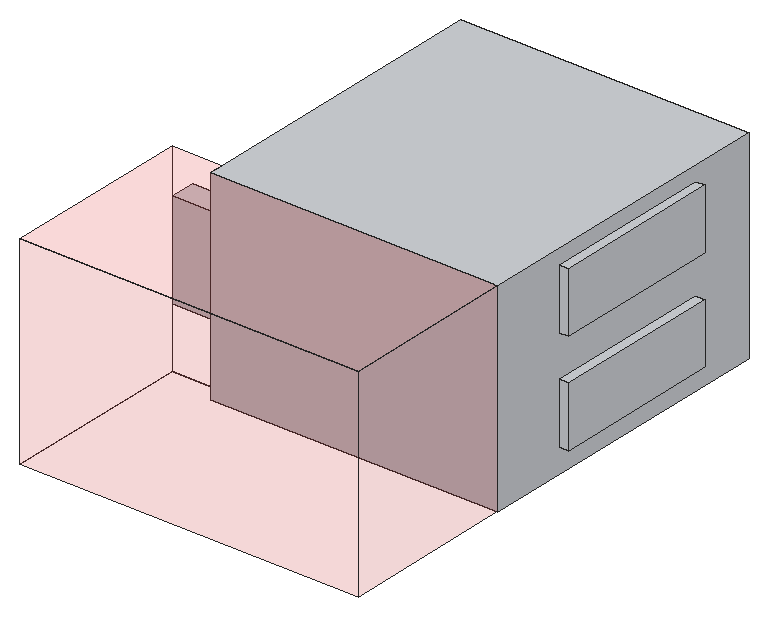
Revit family
Parameters (values of type "115 V Single Phase")
  Weight Scheduled [instance] = 675  # constant formula
  Voltage Workaround = Voltage / 1 V  # 115
  Voltage Scheduled = Voltage  # 115 V
  Voltage = 115 V
  VoltAmps Workaround [instance] = Voltage Workaround * Total FLA * sqrt(Phase)  # 0
  VoltAmps [instance] = VoltAmps Workaround * 1 VA  # 0 VA
  VFD [instance] = no
  URL = "http://www.renewaire.com/_assets/files/SubmittalForms/HE3XINHSubmittal.pdf"
  Total FLA [instance] = if(or(Supply Motor FLA = 0, Exhaust Motor FLA = 0), 0, (Supply Motor FLA * Supply Motor Count) + (Exhaust Motor FLA * Exhaust Motor Count))  # 0
  Supply Motor RPM Scheduled [instance] = Supply Motor RPM  # 0
  Supply Motor RPM [instance] = if(and(or(Supply ESP = 0, Supply ESP > 0), Supply ESP < 0.25), if(Supply Motor HP = 2, if(Supply CFM > 2700 CFM, 0, if(Supply CFM > 2440 CFM, 1470, if(Supply CFM > 2185 CFM, 1329, 1189))), if(Supply Motor HP = 3, if(Supply CFM > 3030 CFM, 0, if(Supply CFM > 2905 CFM, 1560, 1496)), if(Supply Motor HP = 5, if(Supply CFM > 3300 CFM, 0, 1686), 0))), if(and(or(Supply ESP = 0.25, Supply ESP > 0.25), Supply ESP < 0.5), if(Supply Motor HP = 2, if(Supply CFM > 2640 CFM, 0, if(Supply CFM > 2360 CFM, 1470, if(Supply CFM > 2095 CFM, 1329, 1189))), if(Supply Motor HP = 3, if(Supply CFM > 2945 CFM, 0, if(Supply CFM > 2815 CFM, 1560, 1496)), if(Supply Motor HP = 5, if(Supply CFM > 3225 CFM, 0, 1686), 0))), if(and(or(Supply ESP = 0.5, Supply ESP > 0.5), Supply ESP < 0.75), if(Supply Motor HP = 2, if(Supply CFM > 2520 CFM, 0, if(Supply CFM > 2220 CFM, 1470, if(Supply CFM > 1900 CFM, 1329, 1189))), if(Supply Motor HP = 3, if(Supply CFM > 3040 CFM, 0, if(Supply CFM > 2825 CFM, 1656, if(Supply CFM > 2675 CFM, 1560, 1496))), if(Supply Motor HP = 5, if(Supply CFM > 3290 CFM, 0, if(Supply CFM > 3015 CFM, 1764, 1686)), 0))), if(and(or(Supply ESP = 0.75, Supply ESP > 0.75), Supply ESP < 1), if(Supply Motor HP = 2, if(Supply CFM > 2360 CFM, 0, if(Supply CFM > 2020 CFM, 1470, if(Supply CFM > 1580 CFM, 1329, 1189))), if(Supply Motor HP = 3, if(Supply CFM > 2950 CFM, 0, if(Supply CFM > 2875 CFM, 1688, if(Supply CFM > 2655 CFM, 1656, if(Supply CFM > 2505 CFM, 1560, 1496)))), if(Supply Motor HP = 5, if(Supply CFM > 3300 CFM, 0, if(Supply CFM > 3145 CFM, 1843, if(Supply CFM > 2855 CFM, 1764, 1686))), 0))), if(and(or(Supply ESP = 1, Supply ESP > 1), Supply ESP < 1.25), if(Supply Motor HP = 2, if(Supply CFM > 2150 CFM, 0, if(Supply CFM > 1640 CFM, 1470, if(Supply CFM > 800 CFM, 1329, 1189))), if(Supply Motor HP = 3, if(Supply CFM > 2800 CFM, 0, if(Supply CFM > 2720 CFM, 1688, if(Supply CFM > 2445 CFM, 1656, if(Supply CFM > 2340 CFM, 1560, 1496)))), if(Supply Motor HP = 5, if(Supply CFM > 3175 CFM, 0, if(Supply CFM > 2995 CFM, 1843, if(Supply CFM > 2800 CFM, 1764, 1686))), 0))), if(and(or(Supply ESP = 1.25, Supply ESP > 1.25), Supply ESP < 1.5), if(Supply Motor HP = 2, if(Supply CFM > 1770 CFM, 0, if(Supply CFM > 850 CFM, 1470, 1329)), if(Supply Motor HP = 3, if(Supply CFM > 2650 CFM, 0, if(Supply CFM > 2575 CFM, 1688, if(Supply CFM > 2325 CFM, 1656, if(Supply CFM > 2220 CFM, 1560, 1496)))), if(Supply Motor HP = 5, if(Supply CFM > 3040 CFM, 0, if(Supply CFM > 2850 CFM, 1843, if(Supply CFM > 2645 CFM, 1764, 1686))), 0))), if(Supply ESP = 1.5, if(Supply Motor HP = 2, if(Supply CFM > 1110 CFM, 0, 1470), if(Supply Motor HP = 3, if(Supply CFM > 2490 CFM, 0, if(Supply CFM > 2380 CFM, 1688, if(Supply CFM > 1990 CFM, 1656, if(Supply CFM > 1655 CFM, 1560, 1496)))), if(Supply Motor HP = 5, if(Supply CFM > 2900 CFM, 0, if(Supply CFM > 2705 CFM, 1843, if(Supply CFM > 2470 CFM, 1764, 1686))), 0))), 0)))))))  # 0
  Supply Motor HP Scheduled [instance] = Supply Motor HP  # 0
  Supply Motor HP [instance] = 0
  Supply Motor FLA [instance] = if(VFD, if(Supply Motor BHP = 0, 0, if(Supply Motor HP = 2, if(and(or(Voltage = 208 V, Voltage = 230 V), Phase = 1), 6.1, if(and(or(Voltage = 208 V, Voltage = 230 V), Phase = 3), 6.1, if(and(Voltage = 460 V, Phase = 3), 2.9, if(and(Voltage = 575 V, Phase = 3), 2.4, 0)))), if(Supply Motor HP = 3, if(and(or(Voltage = 208 V, Voltage = 230 V), Phase = 1), 9.4, if(and(or(Voltage = 208 V, Voltage = 230 V), Phase = 3), 9.4, if(and(Voltage = 460 V, Phase = 3), 4.24, if(and(Voltage = 575 V, Phase = 3), 3.3, 0)))), if(Supply Motor HP = 5, if(and(or(Voltage = 208 V, Voltage = 230 V), Phase = 3), 14.5, if(and(Voltage = 460 V, Phase = 3), 6.7, if(and(Voltage = 575 V, Phase = 3), 5.3, 0))), 0)))), if(Supply Motor BHP = 0, 0, if(Supply Motor HP = 2, if(and(Voltage = 115 V, Phase = 1), 20, if(and(or(Voltage = 208 V, Voltage = 230 V), Phase = 1), 10.8, if(and(or(Voltage = 208 V, Voltage = 230 V), Phase = 3), 6.1, if(and(Voltage = 460 V, Phase = 3), 2.9, if(and(Voltage = 575 V, Phase = 3), 2.4, 0))))), if(Supply Motor HP = 3, if(and(or(Voltage = 208 V, Voltage = 230 V), Phase = 1), 13, if(and(or(Voltage = 208 V, Voltage = 230 V), Phase = 3), 9.4, if(and(Voltage = 460 V, Phase = 3), 4.2, if(and(Voltage = 575 V, Phase = 3), 3.3, 0)))), if(Supply Motor HP = 5, if(and(or(Voltage = 208 V, Voltage = 230 V), Phase = 3), 14.5, if(and(Voltage = 460 V, Phase = 3), 6.7, if(and(Voltage = 575 V, Phase = 3), 5.3, 0))), 0)))))  # 0
  Supply Motor Count Scheduled [instance] = Supply Motor Count  # 1
  Supply Motor Count [instance] = 1  # constant formula
  Supply Motor BHP [instance] = if(and(or(Supply ESP = 0, Supply ESP > 0), Supply ESP < 0.25), if(Supply Motor HP = 2, if(Supply CFM > 2700 CFM, 0, if(Supply CFM > 2440 CFM, 1.9, if(Supply CFM > 2185 CFM, 1.4, 1))), if(Supply Motor HP = 3, if(Supply CFM > 3030 CFM, 0, if(Supply CFM > 2905 CFM, 2.7, 2.4)), if(Supply Motor HP = 5, if(Supply CFM > 3300 CFM, 0, 3.5), 0))), if(and(or(Supply ESP = 0.25, Supply ESP > 0.25), Supply ESP < 0.5), if(Supply Motor HP = 2, if(Supply CFM > 2640 CFM, 0, if(Supply CFM > 2360 CFM, 1.8, if(Supply CFM > 2095 CFM, 1.3, 0.9))), if(Supply Motor HP = 3, if(Supply CFM > 2945 CFM, 0, if(Supply CFM > 2815 CFM, 2.6, 2.3)), if(Supply Motor HP = 5, if(Supply CFM > 3225 CFM, 0, 3.4), 0))), if(and(or(Supply ESP = 0.5, Supply ESP > 0.5), Supply ESP < 0.75), if(Supply Motor HP = 2, if(Supply CFM > 2520 CFM, 0, if(Supply CFM > 2220 CFM, 1.6, if(Supply CFM > 1900 CFM, 1.2, 0.8))), if(Supply Motor HP = 3, if(Supply CFM > 3040 CFM, 0, if(Supply CFM > 2825 CFM, 3, if(Supply CFM > 2675 CFM, 2.5, 2.1))), if(Supply Motor HP = 5, if(Supply CFM > 3290 CFM, 0, if(Supply CFM > 3015 CFM, 3.8, 3.2)), 0))), if(and(or(Supply ESP = 0.75, Supply ESP > 0.75), Supply ESP < 1), if(Supply Motor HP = 2, if(Supply CFM > 2360 CFM, 0, if(Supply CFM > 2020 CFM, 1.5, if(Supply CFM > 1580 CFM, 1, 0.6))), if(Supply Motor HP = 3, if(Supply CFM > 2950 CFM, 0, if(Supply CFM > 2875 CFM, 2.9, if(Supply CFM > 2655 CFM, 2.8, if(Supply CFM > 2505 CFM, 2.3, 1.9)))), if(Supply Motor HP = 5, if(Supply CFM > 3300 CFM, 0, if(Supply CFM > 3145 CFM, 4.1, if(Supply CFM > 2855 CFM, 3.5, 3))), 0))), if(and(or(Supply ESP = 1, Supply ESP > 1), Supply ESP < 1.25), if(Supply Motor HP = 2, if(Supply CFM > 2150 CFM, 0, if(Supply CFM > 1640 CFM, 1.8, if(Supply CFM > 800 CFM, 0.8, 0.4))), if(Supply Motor HP = 3, if(Supply CFM > 2800 CFM, 0, if(Supply CFM > 2720 CFM, 2.8, if(Supply CFM > 2445 CFM, 2.6, if(Supply CFM > 2340 CFM, 2.1, 1.8)))), if(Supply Motor HP = 5, if(Supply CFM > 3175 CFM, 0, if(Supply CFM > 2995 CFM, 3.8, if(Supply CFM > 2800 CFM, 3.3, 2.8))), 0))), if(and(or(Supply ESP = 1.25, Supply ESP > 1.25), Supply ESP < 1.5), if(Supply Motor HP = 2, if(Supply CFM > 1770 CFM, 0, if(Supply CFM > 850 CFM, 1, 0.4)), if(Supply Motor HP = 3, if(Supply CFM > 2650 CFM, 0, if(Supply CFM > 2575 CFM, 2.6, if(Supply CFM > 2325 CFM, 2.4, if(Supply CFM > 2220 CFM, 1.9, 1.6)))), if(Supply Motor HP = 5, if(Supply CFM > 3040 CFM, 0, if(Supply CFM > 2850 CFM, 3.6, if(Supply CFM > 2645 CFM, 3.1, 2.6))), 0))), if(Supply ESP = 1.5, if(Supply Motor HP = 2, if(Supply CFM > 1110 CFM, 0, 0.6), if(Supply Motor HP = 3, if(Supply CFM > 2490 CFM, 0, if(Supply CFM > 2380 CFM, 2.2, if(Supply CFM > 1990 CFM, 2.2, if(Supply CFM > 1655 CFM, 1.6, 1.2)))), if(Supply Motor HP = 5, if(Supply CFM > 2900 CFM, 0, if(Supply CFM > 2705 CFM, 3.4, if(Supply CFM > 2470 CFM, 2.9, 2.4))), 0))), 0)))))))  # 0
  Supply ESP Scheduled [instance] = Supply ESP  # 0
  Supply ESP [instance] = 0
  Supply CFM Scheduled [instance] = Supply CFM  # 0 CFM
  Supply CFM [instance] = 0 CFM
  Supply Air Winter RH Scheduled [instance] = 0
  Supply Air Winter DB Scheduled [instance] = 0
  Supply Air Summer RH Scheduled [instance] = 0
  Supply Air Summer DB Scheduled [instance] = 0
  Phase Scheduled = Phase  # 1
  Phase = 1
  Outside Air Winter RH Scheduled [instance] = 0
  Outside Air Winter DB Scheduled [instance] = 0
  Outside Air Summer RH Scheduled [instance] = 0
  Outside Air Summer DB Scheduled [instance] = 0
  Number of Poles = 1
  Model = "HE3XINH"
  Manufacturer = "RenewAire"
  MOCP Scheduled [instance] = MOCP  # 0
  MOCP [instance] = if(VFD, if(Total FLA = 0, 0, if(and(or(Voltage = 208 V, Voltage = 230 V), Phase = 1), if(and(Supply Motor HP = 2, Exhaust Motor HP = 2), 30, if(and(Supply Motor HP = 2, Exhaust Motor HP = 3), 40, if(and(Supply Motor HP = 3, Exhaust Motor HP = 2), 40, if(and(Supply Motor HP = 3, Exhaust Motor HP = 3), 45, 0)))), if(and(or(Voltage = 208 V, Voltage = 230 V), Phase = 3), if(and(Supply Motor HP = 2, Exhaust Motor HP = 2), 15, if(and(Supply Motor HP = 2, Exhaust Motor HP = 3), 25, if(and(Supply Motor HP = 2, Exhaust Motor HP = 5), 35, if(and(Supply Motor HP = 3, Exhaust Motor HP = 2), 25, if(and(Supply Motor HP = 3, Exhaust Motor HP = 3), 25, if(and(Supply Motor HP = 3, Exhaust Motor HP = 5), 40, if(and(Supply Motor HP = 5, Exhaust Motor HP = 2), 35, if(and(Supply Motor HP = 5, Exhaust Motor HP = 3), 40, if(and(Supply Motor HP = 5, Exhaust Motor HP = 5), 45, 0))))))))), if(and(Voltage = 460 V, Phase = 3), if(and(Supply Motor HP = 2, Exhaust Motor HP = 2), 15, if(and(Supply Motor HP = 2, Exhaust Motor HP = 3), 15, if(and(Supply Motor HP = 2, Exhaust Motor HP = 5), 15, if(and(Supply Motor HP = 3, Exhaust Motor HP = 2), 15, if(and(Supply Motor HP = 3, Exhaust Motor HP = 3), 15, if(and(Supply Motor HP = 3, Exhaust Motor HP = 5), 15, if(and(Supply Motor HP = 5, Exhaust Motor HP = 2), 15, if(and(Supply Motor HP = 5, Exhaust Motor HP = 3), 15, if(and(Supply Motor HP = 5, Exhaust Motor HP = 5), 20, 0))))))))), if(and(Voltage = 575 V, Phase = 3), if(and(Supply Motor HP = 2, Exhaust Motor HP = 2), 15, if(and(Supply Motor HP = 2, Exhaust Motor HP = 3), 15, if(and(Supply Motor HP = 2, Exhaust Motor HP = 5), 15, if(and(Supply Motor HP = 3, Exhaust Motor HP = 2), 15, if(and(Supply Motor HP = 3, Exhaust Motor HP = 3), 15, if(and(Supply Motor HP = 3, Exhaust Motor HP = 5), 15, if(and(Supply Motor HP = 5, Exhaust Motor HP = 2), 15, if(and(Supply Motor HP = 5, Exhaust Motor HP = 3), 15, if(and(Supply Motor HP = 5, Exhaust Motor HP = 5), 15, 0))))))))), 0))))), if(Total FLA = 0, 0, if(and(Voltage = 115 V, Phase = 1), if(and(Supply Motor HP = 2, Exhaust Motor HP = 2), 60, 0), if(and(or(Voltage = 208 V, Voltage = 230 V), Phase = 1), if(and(Supply Motor HP = 2, Exhaust Motor HP = 2), 35, if(and(Supply Motor HP = 2, Exhaust Motor HP = 3), 40, if(and(Supply Motor HP = 3, Exhaust Motor HP = 2), 40, if(and(Supply Motor HP = 3, Exhaust Motor HP = 3), 40, 0)))), if(and(or(Voltage = 208 V, Voltage = 230 V), Phase = 3), if(and(Supply Motor HP = 2, Exhaust Motor HP = 2), 15, if(and(Supply Motor HP = 2, Exhaust Motor HP = 3), 25, if(and(Supply Motor HP = 2, Exhaust Motor HP = 5), 35, if(and(Supply Motor HP = 3, Exhaust Motor HP = 2), 25, if(and(Supply Motor HP = 3, Exhaust Motor HP = 3), 25, if(and(Supply Motor HP = 3, Exhaust Motor HP = 5), 40, if(and(Supply Motor HP = 5, Exhaust Motor HP = 2), 35, if(and(Supply Motor HP = 5, Exhaust Motor HP = 3), 40, if(and(Supply Motor HP = 5, Exhaust Motor HP = 5), 45, 0))))))))), if(and(Voltage = 460 V, Phase = 3), if(and(Supply Motor HP = 2, Exhaust Motor HP = 2), 15, if(and(Supply Motor HP = 2, Exhaust Motor HP = 3), 15, if(and(Supply Motor HP = 2, Exhaust Motor HP = 5), 15, if(and(Supply Motor HP = 3, Exhaust Motor HP = 2), 15, if(and(Supply Motor HP = 3, Exhaust Motor HP = 3), 15, if(and(Supply Motor HP = 3, Exhaust Motor HP = 5), 15, if(and(Supply Motor HP = 5, Exhaust Motor HP = 2), 15, if(and(Supply Motor HP = 5, Exhaust Motor HP = 3), 15, if(and(Supply Motor HP = 5, Exhaust Motor HP = 5), 20, 0))))))))), if(and(Voltage = 575 V, Phase = 3), if(and(Supply Motor HP = 2, Exhaust Motor HP = 2), 15, if(and(Supply Motor HP = 2, Exhaust Motor HP = 3), 15, if(and(Supply Motor HP = 2, Exhaust Motor HP = 5), 15, if(and(Supply Motor HP = 3, Exhaust Motor HP = 2), 15, if(and(Supply Motor HP = 3, Exhaust Motor HP = 3), 15, if(and(Supply Motor HP = 3, Exhaust Motor HP = 5), 15, if(and(Supply Motor HP = 5, Exhaust Motor HP = 2), 15, if(and(Supply Motor HP = 5, Exhaust Motor HP = 3), 15, if(and(Supply Motor HP = 5, Exhaust Motor HP = 5), 15, 0))))))))), 0)))))))  # 0
  MCA Scheduled [instance] = MCA  # 0
  MCA [instance] = if(VFD, if(Total FLA = 0, 0, if(and(or(Voltage = 208 V, Voltage = 230 V), Phase = 1), if(and(Supply Motor HP = 2, Exhaust Motor HP = 2), 26, if(and(Supply Motor HP = 2, Exhaust Motor HP = 3), 33.9, if(and(Supply Motor HP = 3, Exhaust Motor HP = 2), 33.9, if(and(Supply Motor HP = 3, Exhaust Motor HP = 3), 40.2, 0)))), if(and(or(Voltage = 208 V, Voltage = 230 V), Phase = 3), if(and(Supply Motor HP = 2, Exhaust Motor HP = 2), 15, if(and(Supply Motor HP = 2, Exhaust Motor HP = 3), 19.6, if(and(Supply Motor HP = 2, Exhaust Motor HP = 5), 26.6, if(and(Supply Motor HP = 3, Exhaust Motor HP = 2), 19.6, if(and(Supply Motor HP = 3, Exhaust Motor HP = 3), 23.2, if(and(Supply Motor HP = 3, Exhaust Motor HP = 5), 30.3, if(and(Supply Motor HP = 5, Exhaust Motor HP = 2), 26.6, if(and(Supply Motor HP = 5, Exhaust Motor HP = 3), 30.3, if(and(Supply Motor HP = 5, Exhaust Motor HP = 5), 35.9, 0))))))))), if(and(Voltage = 460 V, Phase = 3), if(and(Supply Motor HP = 2, Exhaust Motor HP = 2), 7.2, if(and(Supply Motor HP = 2, Exhaust Motor HP = 3), 9, if(and(Supply Motor HP = 2, Exhaust Motor HP = 5), 12.4, if(and(Supply Motor HP = 3, Exhaust Motor HP = 2), 9, if(and(Supply Motor HP = 3, Exhaust Motor HP = 3), 10.5, if(and(Supply Motor HP = 3, Exhaust Motor HP = 5), 13.9, if(and(Supply Motor HP = 5, Exhaust Motor HP = 2), 12.4, if(and(Supply Motor HP = 5, Exhaust Motor HP = 3), 13.9, if(and(Supply Motor HP = 5, Exhaust Motor HP = 5), 16.6, 0))))))))), if(and(Voltage = 575 V, Phase = 3), if(and(Supply Motor HP = 2, Exhaust Motor HP = 2), 5.9, if(and(Supply Motor HP = 2, Exhaust Motor HP = 3), 7.2, if(and(Supply Motor HP = 2, Exhaust Motor HP = 5), 9.9, if(and(Supply Motor HP = 3, Exhaust Motor HP = 2), 7.2, if(and(Supply Motor HP = 3, Exhaust Motor HP = 3), 8.2, if(and(Supply Motor HP = 3, Exhaust Motor HP = 5), 10.9, if(and(Supply Motor HP = 5, Exhaust Motor HP = 2), 9.9, if(and(Supply Motor HP = 5, Exhaust Motor HP = 3), 10.9, if(and(Supply Motor HP = 5, Exhaust Motor HP = 5), 13.1, 0))))))))), 0))))), if(Total FLA = 0, 0, if(and(Voltage = 115 V, Phase = 1), if(and(Supply Motor HP = 2, Exhaust Motor HP = 2), 45, 0), if(and(or(Voltage = 208 V, Voltage = 230 V), Phase = 1), if(and(Supply Motor HP = 2, Exhaust Motor HP = 2), 24.3, if(and(Supply Motor HP = 2, Exhaust Motor HP = 3), 27.1, if(and(Supply Motor HP = 3, Exhaust Motor HP = 2), 27.1, if(and(Supply Motor HP = 3, Exhaust Motor HP = 3), 29.3, 0)))), if(and(or(Voltage = 208 V, Voltage = 230 V), Phase = 3), if(and(Supply Motor HP = 2, Exhaust Motor HP = 2), 13.6, if(and(Supply Motor HP = 2, Exhaust Motor HP = 3), 17.8, if(and(Supply Motor HP = 2, Exhaust Motor HP = 5), 24.2, if(and(Supply Motor HP = 3, Exhaust Motor HP = 2), 17.8, if(and(Supply Motor HP = 3, Exhaust Motor HP = 3), 21.1, if(and(Supply Motor HP = 3, Exhaust Motor HP = 5), 27.5, if(and(Supply Motor HP = 5, Exhaust Motor HP = 2), 24.2, if(and(Supply Motor HP = 5, Exhaust Motor HP = 3), 27.5, if(and(Supply Motor HP = 5, Exhaust Motor HP = 5), 32.6, 0))))))))), if(and(Voltage = 460 V, Phase = 3), if(and(Supply Motor HP = 2, Exhaust Motor HP = 2), 6.5, if(and(Supply Motor HP = 2, Exhaust Motor HP = 3), 8.2, if(and(Supply Motor HP = 2, Exhaust Motor HP = 5), 11.3, if(and(Supply Motor HP = 3, Exhaust Motor HP = 2), 8.2, if(and(Supply Motor HP = 3, Exhaust Motor HP = 3), 9.5, if(and(Supply Motor HP = 3, Exhaust Motor HP = 5), 12.6, if(and(Supply Motor HP = 5, Exhaust Motor HP = 2), 11.3, if(and(Supply Motor HP = 5, Exhaust Motor HP = 3), 12.6, if(and(Supply Motor HP = 5, Exhaust Motor HP = 5), 15.1, 0))))))))), if(and(Voltage = 575 V, Phase = 3), if(and(Supply Motor HP = 2, Exhaust Motor HP = 2), 5.4, if(and(Supply Motor HP = 2, Exhaust Motor HP = 3), 6.5, if(and(Supply Motor HP = 2, Exhaust Motor HP = 5), 9, if(and(Supply Motor HP = 3, Exhaust Motor HP = 2), 6.5, if(and(Supply Motor HP = 3, Exhaust Motor HP = 3), 7.4, if(and(Supply Motor HP = 3, Exhaust Motor HP = 5), 9.9, if(and(Supply Motor HP = 5, Exhaust Motor HP = 2), 9, if(and(Supply Motor HP = 5, Exhaust Motor HP = 3), 9.9, if(and(Supply Motor HP = 5, Exhaust Motor HP = 5), 11.9, 0))))))))), 0)))))))  # 0
  FLA Scheduled [instance] = Total FLA  # 0
  Exhaust RH Scheduled [instance] = 0
  Exhaust Motor RPM Scheduled [instance] = Exhaust Motor RPM  # 0
  Exhaust Motor RPM [instance] = if(and(or(Exhaust ESP = 0, Exhaust ESP > 0), Exhaust ESP < 0.25), if(Exhaust Motor HP = 2, if(Exhaust CFM > 2700 CFM, 0, if(Exhaust CFM > 2440 CFM, 1470, if(Exhaust CFM > 2185 CFM, 1329, 1189))), if(Exhaust Motor HP = 3, if(Exhaust CFM > 3030 CFM, 0, if(Exhaust CFM > 2905 CFM, 1560, 1496)), if(Exhaust Motor HP = 5, if(Exhaust CFM > 3300 CFM, 0, 1686), 0))), if(and(or(Exhaust ESP = 0.25, Exhaust ESP > 0.25), Exhaust ESP < 0.5), if(Exhaust Motor HP = 2, if(Exhaust CFM > 2640 CFM, 0, if(Exhaust CFM > 2360 CFM, 1470, if(Exhaust CFM > 2095 CFM, 1329, 1189))), if(Exhaust Motor HP = 3, if(Exhaust CFM > 2945 CFM, 0, if(Exhaust CFM > 2815 CFM, 1560, 1496)), if(Exhaust Motor HP = 5, if(Exhaust CFM > 3225 CFM, 0, 1686), 0))), if(and(or(Exhaust ESP = 0.5, Exhaust ESP > 0.5), Exhaust ESP < 0.75), if(Exhaust Motor HP = 2, if(Exhaust CFM > 2520 CFM, 0, if(Exhaust CFM > 2220 CFM, 1470, if(Exhaust CFM > 1900 CFM, 1329, 1189))), if(Exhaust Motor HP = 3, if(Exhaust CFM > 3040 CFM, 0, if(Exhaust CFM > 2825 CFM, 1656, if(Exhaust CFM > 2675 CFM, 1560, 1496))), if(Exhaust Motor HP = 5, if(Exhaust CFM > 3290 CFM, 0, if(Exhaust CFM > 3015 CFM, 1764, 1686)), 0))), if(and(or(Exhaust ESP = 0.75, Exhaust ESP > 0.75), Exhaust ESP < 1), if(Exhaust Motor HP = 2, if(Exhaust CFM > 2360 CFM, 0, if(Exhaust CFM > 2020 CFM, 1470, if(Exhaust CFM > 1580 CFM, 1329, 1189))), if(Exhaust Motor HP = 3, if(Exhaust CFM > 2950 CFM, 0, if(Exhaust CFM > 2875 CFM, 1688, if(Exhaust CFM > 2655 CFM, 1656, if(Exhaust CFM > 2505 CFM, 1560, 1496)))), if(Exhaust Motor HP = 5, if(Exhaust CFM > 3300 CFM, 0, if(Exhaust CFM > 3145 CFM, 1843, if(Exhaust CFM > 2855 CFM, 1764, 1686))), 0))), if(and(or(Exhaust ESP = 1, Exhaust ESP > 1), Exhaust ESP < 1.25), if(Exhaust Motor HP = 2, if(Exhaust CFM > 2150 CFM, 0, if(Exhaust CFM > 1640 CFM, 1470, if(Exhaust CFM > 800 CFM, 1329, 1189))), if(Exhaust Motor HP = 3, if(Exhaust CFM > 2800 CFM, 0, if(Exhaust CFM > 2720 CFM, 1688, if(Exhaust CFM > 2445 CFM, 1656, if(Exhaust CFM > 2340 CFM, 1560, 1496)))), if(Exhaust Motor HP = 5, if(Exhaust CFM > 3175 CFM, 0, if(Exhaust CFM > 2995 CFM, 1843, if(Exhaust CFM > 2800 CFM, 1764, 1686))), 0))), if(and(or(Exhaust ESP = 1.25, Exhaust ESP > 1.25), Exhaust ESP < 1.5), if(Exhaust Motor HP = 2, if(Exhaust CFM > 1770 CFM, 0, if(Exhaust CFM > 850 CFM, 1470, 1329)), if(Exhaust Motor HP = 3, if(Exhaust CFM > 2650 CFM, 0, if(Exhaust CFM > 2575 CFM, 1688, if(Exhaust CFM > 2325 CFM, 1656, if(Exhaust CFM > 2220 CFM, 1560, 1496)))), if(Exhaust Motor HP = 5, if(Exhaust CFM > 3040 CFM, 0, if(Exhaust CFM > 2850 CFM, 1843, if(Exhaust CFM > 2645 CFM, 1764, 1686))), 0))), if(Exhaust ESP = 1.5, if(Exhaust Motor HP = 2, if(Exhaust CFM > 1110 CFM, 0, 1470), if(Exhaust Motor HP = 3, if(Exhaust CFM > 2490 CFM, 0, if(Exhaust CFM > 2380 CFM, 1688, if(Exhaust CFM > 1990 CFM, 1656, if(Exhaust CFM > 1655 CFM, 1560, 1496)))), if(Exhaust Motor HP = 5, if(Exhaust CFM > 2900 CFM, 0, if(Exhaust CFM > 2705 CFM, 1843, if(Exhaust CFM > 2470 CFM, 1764, 1686))), 0))), 0)))))))  # 0
  Exhaust Motor HP Scheduled [instance] = Exhaust Motor HP  # 0
  Exhaust Motor HP [instance] = 0
  Exhaust Motor FLA [instance] = if(VFD, if(Exhaust Motor BHP = 0, 0, if(Exhaust Motor HP = 2, if(and(or(Voltage = 208 V, Voltage = 230 V), Phase = 1), 6.1, if(and(or(Voltage = 208 V, Voltage = 230 V), Phase = 3), 6.1, if(and(Voltage = 460 V, Phase = 3), 2.9, if(and(Voltage = 575 V, Phase = 3), 2.4, 0)))), if(Exhaust Motor HP = 3, if(and(or(Voltage = 208 V, Voltage = 230 V), Phase = 1), 9.4, if(and(or(Voltage = 208 V, Voltage = 230 V), Phase = 3), 9.4, if(and(Voltage = 460 V, Phase = 3), 4.24, if(and(Voltage = 575 V, Phase = 3), 3.3, 0)))), if(Exhaust Motor HP = 5, if(and(or(Voltage = 208 V, Voltage = 230 V), Phase = 3), 14.5, if(and(Voltage = 460 V, Phase = 3), 6.7, if(and(Voltage = 575 V, Phase = 3), 5.3, 0))), 0)))), if(Exhaust Motor BHP = 0, 0, if(Exhaust Motor HP = 2, if(and(Voltage = 115 V, Phase = 1), 20, if(and(or(Voltage = 208 V, Voltage = 230 V), Phase = 1), 10.8, if(and(or(Voltage = 208 V, Voltage = 230 V), Phase = 3), 6.1, if(and(Voltage = 460 V, Phase = 3), 2.9, if(and(Voltage = 575 V, Phase = 3), 2.4, 0))))), if(Exhaust Motor HP = 3, if(and(or(Voltage = 208 V, Voltage = 230 V), Phase = 1), 13, if(and(or(Voltage = 208 V, Voltage = 230 V), Phase = 3), 9.4, if(and(Voltage = 460 V, Phase = 3), 4.2, if(and(Voltage = 575 V, Phase = 3), 3.3, 0)))), if(Exhaust Motor HP = 5, if(and(or(Voltage = 208 V, Voltage = 230 V), Phase = 3), 14.5, if(and(Voltage = 460 V, Phase = 3), 6.7, if(and(Voltage = 575 V, Phase = 3), 5.3, 0))), 0)))))  # 0
  Exhaust Motor Count Scheduled [instance] = Exhaust Motor Count  # 1
  Exhaust Motor Count [instance] = 1  # constant formula
  Exhaust Motor BHP [instance] = if(and(or(Exhaust ESP = 0, Exhaust ESP > 0), Exhaust ESP < 0.25), if(Exhaust Motor HP = 2, if(Exhaust CFM > 2700 CFM, 0, if(Exhaust CFM > 2440 CFM, 1.9, if(Exhaust CFM > 2185 CFM, 1.4, 1))), if(Exhaust Motor HP = 3, if(Exhaust CFM > 3030 CFM, 0, if(Exhaust CFM > 2905 CFM, 2.7, 2.4)), if(Exhaust Motor HP = 5, if(Exhaust CFM > 3300 CFM, 0, 3.5), 0))), if(and(or(Exhaust ESP = 0.25, Exhaust ESP > 0.25), Exhaust ESP < 0.5), if(Exhaust Motor HP = 2, if(Exhaust CFM > 2640 CFM, 0, if(Exhaust CFM > 2360 CFM, 1.8, if(Exhaust CFM > 2095 CFM, 1.3, 0.9))), if(Exhaust Motor HP = 3, if(Exhaust CFM > 2945 CFM, 0, if(Exhaust CFM > 2815 CFM, 2.6, 2.3)), if(Exhaust Motor HP = 5, if(Exhaust CFM > 3225 CFM, 0, 3.4), 0))), if(and(or(Exhaust ESP = 0.5, Exhaust ESP > 0.5), Exhaust ESP < 0.75), if(Exhaust Motor HP = 2, if(Exhaust CFM > 2520 CFM, 0, if(Exhaust CFM > 2220 CFM, 1.6, if(Exhaust CFM > 1900 CFM, 1.2, 0.8))), if(Exhaust Motor HP = 3, if(Exhaust CFM > 3040 CFM, 0, if(Exhaust CFM > 2825 CFM, 3, if(Exhaust CFM > 2675 CFM, 2.5, 2.1))), if(Exhaust Motor HP = 5, if(Exhaust CFM > 3290 CFM, 0, if(Exhaust CFM > 3015 CFM, 3.8, 3.2)), 0))), if(and(or(Exhaust ESP = 0.75, Exhaust ESP > 0.75), Exhaust ESP < 1), if(Exhaust Motor HP = 2, if(Exhaust CFM > 2360 CFM, 0, if(Exhaust CFM > 2020 CFM, 1.5, if(Exhaust CFM > 1580 CFM, 1, 0.6))), if(Exhaust Motor HP = 3, if(Exhaust CFM > 2950 CFM, 0, if(Exhaust CFM > 2875 CFM, 2.9, if(Exhaust CFM > 2655 CFM, 2.8, if(Exhaust CFM > 2505 CFM, 2.3, 1.9)))), if(Exhaust Motor HP = 5, if(Exhaust CFM > 3300 CFM, 0, if(Exhaust CFM > 3145 CFM, 4.1, if(Exhaust CFM > 2855 CFM, 3.5, 3))), 0))), if(and(or(Exhaust ESP = 1, Exhaust ESP > 1), Exhaust ESP < 1.25), if(Exhaust Motor HP = 2, if(Exhaust CFM > 2150 CFM, 0, if(Exhaust CFM > 1640 CFM, 1.8, if(Exhaust CFM > 800 CFM, 0.8, 0.4))), if(Exhaust Motor HP = 3, if(Exhaust CFM > 2800 CFM, 0, if(Exhaust CFM > 2720 CFM, 2.8, if(Exhaust CFM > 2445 CFM, 2.6, if(Exhaust CFM > 2340 CFM, 2.1, 1.8)))), if(Exhaust Motor HP = 5, if(Exhaust CFM > 3175 CFM, 0, if(Exhaust CFM > 2995 CFM, 3.8, if(Exhaust CFM > 2800 CFM, 3.3, 2.8))), 0))), if(and(or(Exhaust ESP = 1.25, Exhaust ESP > 1.25), Exhaust ESP < 1.5), if(Exhaust Motor HP = 2, if(Exhaust CFM > 1770 CFM, 0, if(Exhaust CFM > 850 CFM, 1, 0.4)), if(Exhaust Motor HP = 3, if(Exhaust CFM > 2650 CFM, 0, if(Exhaust CFM > 2575 CFM, 2.6, if(Exhaust CFM > 2325 CFM, 2.4, if(Exhaust CFM > 2220 CFM, 1.9, 1.6)))), if(Exhaust Motor HP = 5, if(Exhaust CFM > 3040 CFM, 0, if(Exhaust CFM > 2850 CFM, 3.6, if(Exhaust CFM > 2645 CFM, 3.1, 2.6))), 0))), if(Exhaust ESP = 1.5, if(Exhaust Motor HP = 2, if(Exhaust CFM > 1110 CFM, 0, 0.6), if(Exhaust Motor HP = 3, if(Exhaust CFM > 2490 CFM, 0, if(Exhaust CFM > 2380 CFM, 2.2, if(Exhaust CFM > 1990 CFM, 2.2, if(Exhaust CFM > 1655 CFM, 1.6, 1.2)))), if(Exhaust Motor HP = 5, if(Exhaust CFM > 2900 CFM, 0, if(Exhaust CFM > 2705 CFM, 3.4, if(Exhaust CFM > 2470 CFM, 2.9, 2.4))), 0))), 0)))))))  # 0
  Exhaust ESP Scheduled [instance] = Exhaust ESP  # 0
  Exhaust ESP [instance] = 0
  Exhaust DB Scheduled [instance] = 0
  Exhaust CFM Scheduled [instance] = Exhaust CFM  # 0 CFM
  Exhaust CFM [instance] = 0 CFM
  Enthalpy Effect Winter Scheduled [instance] = 0
  Enthalpy Effect Summer Scheduled [instance] = 0
Types (8): name | Voltage Workaround | Voltage Scheduled | Voltage | VoltAmps Workaround | VoltAmps | VFD | Total FLA | Supply Motor RPM Scheduled | Supply Motor RPM | Supply Motor HP Scheduled | Supply Motor HP | Supply Motor FLA | Supply Motor BHP | Phase Scheduled | Phase | Number of Poles | MOCP Scheduled | MOCP | MCA Scheduled | MCA | FLA Scheduled | Exhaust Motor RPM Scheduled | Exhaust Motor RPM | Exhaust Motor HP Scheduled | Exhaust Motor HP | Exhaust Motor FLA | Exhaust Motor BHP
  (no name) | 115 | 115 V | 115 V | 0 | 0 VA | no | 0 | 0 | 0 | 0 | 0 | 0 | 0 | 1 | 1 | 1 | 0 | 0 | 0 | 0 | 0 | 0 | 0 | 0 | 0 | 0 | 0
  208 V Single Phase | 208 | 208 V | 208 V | 0 | 0 VA | yes | 0 | 0 | 0 | 0 | 0 | 0 | 0 | 1 | 1 | 2 | 0 | 0 | 0 | 0 | 0 | 0 | 0 | 0 | 0 | 0 | 0
  230 V Single Phase | 230 | 230 V | 230 V | 0 | 0 VA | yes | 0 | 0 | 0 | 0 | 0 | 0 | 0 | 1 | 1 | 2 | 0 | 0 | 0 | 0 | 0 | 0 | 0 | 0 | 0 | 0 | 0
  208 V Three Phase | 208 | 208 V | 208 V | 0 | 0 VA | yes | 0 | 0 | 0 | 0 | 0 | 0 | 0 | 3 | 3 | 3 | 0 | 0 | 0 | 0 | 0 | 0 | 0 | 0 | 0 | 0 | 0
  230 V Three Phase | 230 | 230 V | 230 V | 0 | 0 VA | yes | 0 | 0 | 0 | 0 | 0 | 0 | 0 | 3 | 3 | 3 | 0 | 0 | 0 | 0 | 0 | 0 | 0 | 0 | 0 | 0 | 0
  460 V Three Phase | 460 | 460 V | 460 V | 0 | 0 VA | yes | 0 | 0 | 0 | 0 | 0 | 0 | 0 | 3 | 3 | 3 | 0 | 0 | 0 | 0 | 0 | 0 | 0 | 0 | 0 | 0 | 0
  575 V Three Phase | 575 | 575 V | 575 V | 4780.4602 | 4780.46 VA | yes | 4.8 | 1189 | 1189 | 2 | 2 | 2.4 | 1 | 3 | 3 | 3 | 15 | 15 | 5.9 | 5.9 | 4.8 | 1189 | 1189 | 2 | 2 | 2.4 | 1
  115 V Single Phase | 115 | 115 V | 115 V | 0 | 0 VA | no | 0 | 0 | 0 | 0 | 0 | 0 | 0 | 1 | 1 | 1 | 0 | 0 | 0 | 0 | 0 | 0 | 0 | 0 | 0 | 0 | 0
Reference planes (in)
  plane 1 "Center (Front/Back)": y = 0
  plane 2: z = 0
  plane 3 "Center (Left/Right)": x = 0
Forms (in)
  Extrusion 1, solid
    sketch origin (0, 0, 0) x (1, 0, 0) y (0, 1, 0)
      loop
        line (-28.625, 31.125) -> (-28.625, -31.125) -> (28.625, -31.125) -> (28.625, 31.125) -> (-28.625, 31.125)
    from 0 to 40.375
  Extrusion 2, solid
    sketch origin (-28.625, 7.30438, 0.125) x (0, 1, 0) y (0, 0, -1)
      loop
        line (-30.30438, -31.25) -> (-30.30438, -12) -> (-35.30438, -12) -> (-35.30438, -31.25) -> (-30.30438, -31.25)
    from 0 to 10.125
  Extrusion 3, solid
    sketch origin (0, 0, 0) x (1, 0, 0) y (0, 1, 0)
      loop
        line (28.625, -31.125) -> (-28.625, -31.125) -> (-28.625, -28) -> (-38.75, -28) -> (-38.75, -65.875) -> (28.625, -65.875) -> (28.625, -31.125)
    from 0 to 40.375
  Extrusion 4, solid
    sketch origin (28.625, 7.81381, 0) x (0, -1, 0) y (0, 0, -1)
      loop
        line (23.93881, -37.5) -> (23.93881, -25.5) -> (-10.06119, -25.5) -> (-10.06119, -37.5) -> (23.93881, -37.5)
      loop
        line (23.93881, -17.125) -> (23.93881, -5.125) -> (-10.06119, -5.125) -> (-10.06119, -17.125) -> (23.93881, -17.125)
    from 0 to 2
  Extrusion 5, solid
    sketch origin (-28.625, 7.30438, 0) x (0, 1, 0) y (0, 0, -1)
      loop
        line (-13.17938, -33.125) -> (-13.17938, -21.125) -> (-29.17938, -21.125) -> (-29.17938, -33.125) -> (-13.17938, -33.125)
      loop
        line (-13.17938, -16.25) -> (-13.17938, -4.25) -> (-29.17938, -4.25) -> (-29.17938, -16.25) -> (-13.17938, -16.25)
    from 0 to 1
Cuts and joins
  joined: Extrusion 1, Extrusion 2, Extrusion 4, Extrusion 5
Dimensions and locks (in)
  equal spacing: Extrusion 1 sketch curve, plane 3 "Center (Left/Right)", Extrusion 1 sketch curve
  equal spacing: Extrusion 1 sketch curve, plane 1 "Center (Front/Back)", Extrusion 1 sketch curve
  Extrusion 1 sketch curve to plane 3 "Center (Left/Right)" = 2' - 4 5/8"
  plane 1 "Center (Front/Back)" to Extrusion 1 sketch curve = 2' - 7 1/8"
  Extrusion 4 sketch curve to Extrusion 1 = 1' - 1 1/4"
  Extrusion 4 sketch curve to Extrusion 1 = 2' - 1 1/2"
  locked: Extrusion 4 sketch curve to Extrusion 4 sketch curve at 12
  locked: Extrusion 4 sketch curve to Extrusion 4 sketch curve at 34
  Extrusion 4 sketch curve to Extrusion 1 = 0' - 5 1/8"
  Extrusion 3 sketch curve to Extrusion 3 sketch curve = 5' - 7 3/8"
  cut or joined group of Extrusion 1, Extrusion 2, Extrusion 4, Extrusion 5 to Extrusion 3 sketch curve = 8' - 1"
  Extrusion 2 sketch curve to cut or joined group of Extrusion 1, Extrusion 2, Extrusion 4, Extrusion 5 = 1' - 0 1/8"
  cut or joined group of Extrusion 1, Extrusion 2, Extrusion 4, Extrusion 5 to cut or joined group of Extrusion 1, Extrusion 2, Extrusion 4, Extrusion 5 = 1' - 9 1/8"
Connectors (in)
  hvac at (30.625, 0.875, 31.5), driven by "Supply CFM"
    settings: on cut or joined group of Extrusion 1, Extrusion 2, Extrusion 4, Extrusion 5, index 1, duct flow 0 CFM, flow factor 0, pres drop 0.00 in-wg, loss coef 0, conn angle 0.00°, conn width 34", conn height 12", conn radius 12", duct sys type 1, conn prof type 1, flow config 1, flow direction 1, loss method 0, conn ref index -1, conn util no, is conn primary yes, conn desc ""
  hvac at (30.625, 0.875, 11.125), driven by "Exhaust CFM"
    settings: on cut or joined group of Extrusion 1, Extrusion 2, Extrusion 4, Extrusion 5, index 2, duct flow 0 CFM, flow factor 0, pres drop 0.00 in-wg, loss coef 0, conn angle 0.00°, conn width 34", conn height 12", conn radius 12", duct sys type 3, conn prof type 1, flow config 0, flow direction 1, loss method 0, conn ref index -1, conn util no, is conn primary no, conn desc ""
  hvac at (-29.625, -13.875, 27.125), driven by "Exhaust CFM"
    settings: on cut or joined group of Extrusion 1, Extrusion 2, Extrusion 4, Extrusion 5, index 3, duct flow 0 CFM, flow factor 0, pres drop 0.00 in-wg, loss coef 0, conn angle 0.00°, conn width 16", conn height 12", conn radius 12", duct sys type 3, conn prof type 1, flow config 1, flow direction 2, loss method 0, conn ref index -1, conn util no, is conn primary no, conn desc ""
  hvac at (-29.625, -13.875, 10.25), driven by "Supply CFM"
    settings: on cut or joined group of Extrusion 1, Extrusion 2, Extrusion 4, Extrusion 5, index 4, duct flow 0 CFM, flow factor 0, pres drop 0.00 in-wg, loss coef 0, conn angle 0.00°, conn width 16", conn height 12", conn radius 12", duct sys type 1, conn prof type 1, flow config 0, flow direction 2, loss method 0, conn ref index -1, conn util no, is conn primary no, conn desc ""
  electrical at (-33.6875, -25.5, 12.125), driven by "VoltAmps", driven by "Voltage", driven by "Number of Poles"
    settings: on cut or joined group of Extrusion 1, Extrusion 2, Extrusion 4, Extrusion 5, index 5, voltage 115 V, apparent load 0 VA, apparent load phase1 0 VA, apparent load phase2 0 VA, apparent load phase3 0 VA, power factor 1, load classification "HVAC", number of poles 1, system type 30, power factor state 1, is connector primary yes, connector utility no, sub classification motor no, connector description ""
